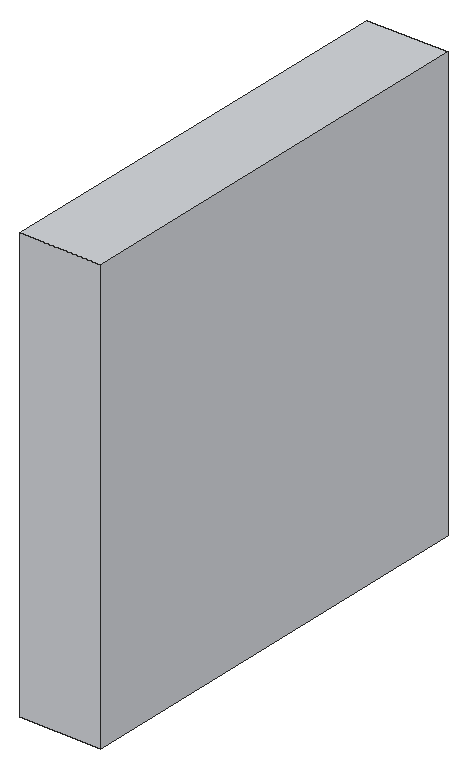
Revit family "3D_Schalter", category Allgemeines Modell, Revit 2014
Parameters
  Schaltertiefe = 15 mm
  Schalterbreite = 80 mm
Reference planes
  plane 1 "Mitte (Vorne/Hinten)": y = 0
  plane 2: z = 0
  plane 3 "Mitte (Links/Rechts)": x = 0
Forms (mm)
  Extrusion 1, solid
    sketch origin (0, 0, 0) x (0, 1, 0) y (0, 0, 1)
      loop
        line (-40, -40) -> (40, -40) -> (40, 40) -> (-40, 40) -> (-40, -40)
    from 0 to 15 <- "Schaltertiefe"
Dimensions and locks
  equal spacing: Extrusion 1 sketch curve, plane 1 "Mitte (Vorne/Hinten)", Extrusion 1 sketch curve
  equal spacing: Extrusion 1 sketch curve, level, Extrusion 1 sketch curve
  "Schalterbreite": Extrusion 1 sketch curve to Extrusion 1 sketch curve  (x2)
  aligned and locked: level to plane 2
